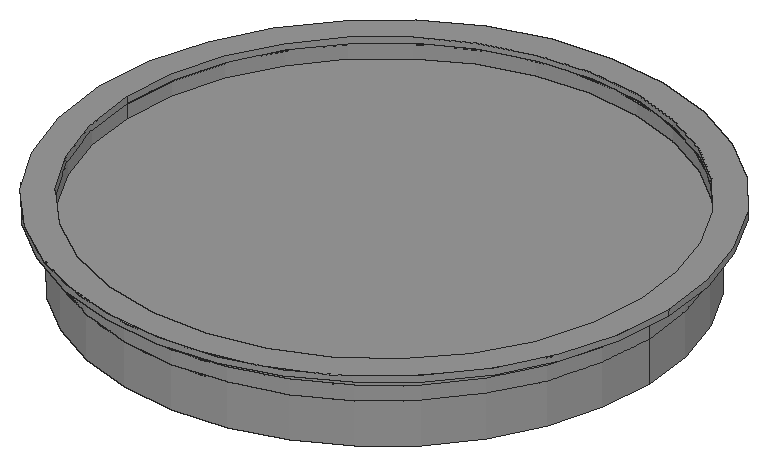
Revit family "Geräteeinsätze GES_Geräteeinsatz_Revisionsabdeckung ZESRA7", category Generic Models, Revit 2015
Parameters (values of type "ZESRA7 10U")
  URL = "http://www.obo-bettermann.com"
  Outer Diameter Dimension = 294 mm
  Material = Aluminum 6061
  Manufacturer Art. No. = "7406824"
  Manufacturer = "OBO Bettermann"
  Inner cut2 = 230 mm
  Inner cut 3 = 165 mm
  Inner cut = 266 mm
  Height = 35 mm
  GTIN = "4012195109730"
  Diameter dimesion = 274 mm
  Bodenbelagdicke = 10 mm
  Article Type = "ZESRA7 10U"
Reference planes
  plane 1 "Center (Front/Back)": y = 0
  plane 2: z = 0
  plane 3 "Center (Left/Right)": x = 0
  plane 4: z = -35
  plane 5: z = 3
  plane 6: z = -7
  plane 7: x = 82.5
  plane 8: x = -82.5
  plane 9: y = -115
  plane 10: y = 115
  plane 11: y = -98.445
  plane 12: y = 98.445
  plane 13: x = -64.264
  plane 14: x = 64.264
  plane 15: z = -14
Forms (mm)
  Extrusion 1, solid, material "Aluminum 6061" <- "Material"
    sketch origin (0, 0, 0) x (1, 0, 0) y (0, 1, 0)
      loop
        circle (0, 0) r 147
    from 0 to 3
  Extrusion 2, void
    sketch origin (0, 0, 0) x (1, 0, 0) y (0, 1, 0)
      loop
        circle (0, 0) r 133
    from -7 to 3
  Extrusion 3, solid, material "Aluminum 6061" <- "Material"
    sketch origin (0, 0, 0) x (1, 0, 0) y (0, 1, 0)
      loop
        circle (0, 0) r 137
      loop
        circle (0, 0) r 133
    from -7 to 0
  Extrusion 4, solid, material "Aluminum 6061" <- "Material"
    sketch origin (0, 0, 0) x (1, 0, 0) y (0, 1, 0)
      loop
        circle (0, 0) r 137
    from -14 to -7
  Extrusion 5, solid, material "Aluminum 6061" <- "Material"
    sketch origin (0, 0, 0) x (1, 0, 0) y (0, 1, 0)
      loop
        circle (0, 0) r 137
      loop
        line (64.264, -115) -> (82.5, -98.445) -> (82.5, 0) -> (82.5, 98.445) -> (64.264, 115) -> (-64.264, 115) -> (-82.5, 98.445) -> (-82.5, -98.445) -> (-64.264, -115) -> (64.264, -115)
    from -35 to -14
Cuts and joins
  Extrusion 2 cuts Extrusion 1
Lines and regions (mm)
  model lines
    curve 1: line (0, -82.75, -35) -> (0, -82.75, -25)
    curve 2: line (0, 82.75, -25) -> (0, 82.75, -35)
    curve 3: line (0, 82.75, -35) -> (0, 82.75, -25)
    curve 5: circle (0, 0, 0) r 147 normal (0, 0, 1)
    curve 7: circle (0, 0, 0) r 137 normal (0, 0, 1)
    curve 9: circle (0, 0, 0) r 133 normal (0, 0, 1)
    curve 10: line (82.5, 0, 0) -> (82.5, -98.445, 0)
    curve 11: line (64.264, -115, 0) -> (-64.264, -115, 0)
    curve 12: line (-82.5, -98.445, 0) -> (-82.5, 98.445, 0)
    curve 13: line (-64.264, 115, 0) -> (64.264, 115, 0)
    curve 14: line (-82.5, 98.445, 0) -> (-64.264, 115, 0)
    curve 15: line (82.5, 98.445, 0) -> (82.5, 0, 0)
    curve 16: line (82.5, 98.445, 0) -> (64.264, 115, 0)
    curve 17: line (-82.5, -98.445, 0) -> (-64.264, -115, 0)
    curve 18: line (82.5, -98.445, 0) -> (64.264, -115, 0)
  reference lines
    curve 4: circle (0, 0, 0) r 147 normal (0, 0, 1)
    curve 6: circle (0, 0, 0) r 137 normal (0, 0, 1)
    curve 8: circle (0, 0, 0) r 133 normal (0, 0, 1)
Dimensions and locks
  "Height": plane 4 to level
  locked: level to plane 5 at 3
  "Bodenbelagdicke": plane 6 to plane 5
  equal spacing: plane 10, plane 1 "Center (Front/Back)", plane 9
  "Inner cut2": plane 10 to plane 9
  equal spacing: plane 8, plane 3 "Center (Left/Right)", plane 7
  "Inner cut 3": plane 8 to plane 7
  locked: plane 10 to plane 12 at 16.555
  locked: plane 11 to plane 9 at 16.555
  locked: plane 8 to plane 13 at 18.236
  locked: plane 14 to plane 7 at 18.236
  locked: plane 15 to plane 6 at 7
  "Outer Diameter Dimension": diameter of curve 4
  "Diameter dimesion": diameter of curve 6
  "Inner cut": diameter of curve 8
  aligned and locked: level to plane 2
  aligned and locked: curve 5 to curve 4
  aligned and locked: Extrusion 1 sketch curve to curve 5
  aligned and locked: Extrusion 1 to level
  aligned and locked: plane 5 to Extrusion 1
  aligned and locked: curve 7 to curve 6
  aligned and locked: curve 9 to curve 8
  aligned and locked: Extrusion 2 sketch curve to curve 9
  aligned and locked: Extrusion 2 to plane 6
  aligned and locked: plane 5 to Extrusion 2
  aligned and locked: curve 10 to plane 7
  aligned and locked: plane 9 to curve 11
  aligned and locked: plane 8 to curve 12
  aligned and locked: curve 13 to plane 10
  aligned and locked: Extrusion 3 sketch curve to curve 7
  aligned and locked: Extrusion 3 sketch curve to cut or joined group of Extrusion 1, Extrusion 2  (x2)
  aligned and locked: level to Extrusion 3
  aligned and locked: Extrusion 3 to plane 6
  aligned and locked: Extrusion 4 sketch curve to Extrusion 3  (x2)
  aligned and locked: plane 6 to Extrusion 4
  aligned and locked: plane 15 to Extrusion 4
  aligned and locked: Extrusion 5 sketch curve to Extrusion 3  (x2)
  aligned and locked: Extrusion 5 sketch curve to curve 11
  aligned and locked: Extrusion 5 sketch curve to curve 18
  aligned and locked: Extrusion 5 sketch curve to curve 10
  aligned and locked: Extrusion 5 sketch curve to curve 15
  aligned and locked: Extrusion 5 sketch curve to curve 16
  aligned and locked: Extrusion 5 sketch curve to curve 13
  aligned and locked: Extrusion 5 sketch curve to curve 14
  aligned and locked: Extrusion 5 sketch curve to curve 12
  aligned and locked: Extrusion 5 sketch curve to curve 17
  aligned and locked: Extrusion 5 to plane 4
  aligned and locked: Extrusion 5 to plane 15
Automatic sketch dimensions
  curve 2 to plane 4 = 0 mm
  curve 1 to plane 4 = 0 mm
  plane 1 "Center (Front/Back)" to curve 1 = 82.75 mm
  curve 2 to plane 1 "Center (Front/Back)" = 82.75 mm
  curve 2 to curve 2 = 10 mm
  curve 1 to curve 1 = 10 mm
  plane 1 "Center (Front/Back)" to curve 10 = 0 mm
  plane 8 to curve 17 = 18.236 mm
  plane 8 to curve 13 = 18.236 mm
  curve 13 to plane 7 = 18.236 mm
  plane 9 to curve 12 = 16.555 mm
  curve 12 to plane 10 = 16.555 mm
  curve 16 to plane 10 = 16.555 mm
  curve 11 to plane 7 = 18.236 mm
  plane 9 to curve 10 = 16.555 mm
  curve 4 to curve 8 = 0 mm  (x2)
  curve 6 to curve 8 = 0 mm  (x2)
  plane 1 "Center (Front/Back)" to curve 6 = 0 mm
  curve 6 to plane 3 "Center (Left/Right)" = 0 mm
  plane 11 to Extrusion 5 sketch curve = 0 mm
  Extrusion 5 sketch curve to plane 14 = 0 mm
  plane 1 "Center (Front/Back)" to Extrusion 5 sketch curve = 0 mm
